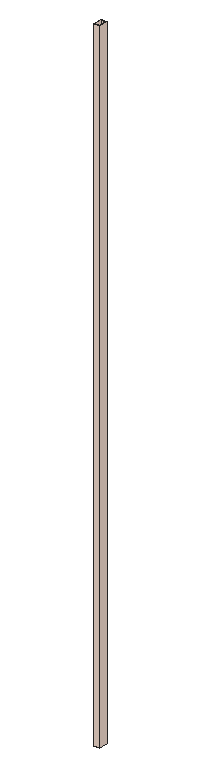
Revit family "SQ-BAR4025", category 機械設備, Revit 2020
Family settings
  丸型コネクタ寸法 = 直径を使用
  種別 = なし
  パーツ タイプ = 標準
  作業面ベース = いいえ
  常に垂直 = はい
  ロード時にボイドで切り取り = いいえ
  共有 = いいえ
  部屋計算ポイント = いいえ
Parameters
  製造元 = "株式会社桐井製作所"
  既定の高さ = 0 mm
  URL = "https://www.kirii.co.jp/"
  K_長さ(mm) [instance] = 3000 mm
  K_材質 = "SGCC　一般用"
  K_断面積A(mm2) = 61.3
  K_断面係数Zy(mm3) = 657.2
  K_断面係数Zx(mm3) = 488.3
  K_断面2次半径iy(mm) = 15.3
  K_断面2次半径ix(mm) = 10
  K_断面2次モーメントIy(mm4) = 14330
  K_断面2次モーメントIx(mm4) = 6104
  K_外形寸法(mm) = "□40×25"
  K_品名 = "SQ-BAR4025"
  K_名称 = "角型スタッド"
  K_単位質量(kg/m) = 0.498
  K_ヤング係数E(N/mm2) = 205000
  K_バージョン情報 = "20210524"
  K_めっき付着量 = "Z08"
  K_JIS規格 = "JIS G 3302"
Reference planes
  plane 1 "中心(正面/背面)": y = 0
  plane 2: z = 0
  plane 3 "中心(左/右)": x = 0
  plane 4: x = 12.5
  plane 5: x = -12.5
  plane 6: y = 20
  plane 7: z = 3000
  plane 8: y = -20
Forms (mm)
  Extrusion 1, solid
    sketch origin (0.5, -20, 0) x (1, 0, 0) y (0, 1, 0)
      loop
        line (-13, 40) -> (-13, 0) -> (12, 0) -> (12, 40) -> (-13, 40)
      loop
        line (-12.5, 39.5) -> (-12.5, 0.5) -> (11.5, 0.5) -> (11.5, 39.5) -> (-12.5, 39.5)
    from 0 to 3000
Dimensions and locks
  locked: Extrusion 1 sketch curve to Extrusion 1 sketch curve at 0.5  (x4)
  "K_長さ(mm)": plane 7 to level
  aligned and locked: level to plane 2
  aligned and locked: Extrusion 1 sketch curve to plane 6
  aligned and locked: plane 7 to Extrusion 1
  aligned and locked: plane 6 to Extrusion 1
  aligned and locked: Extrusion 1 to plane 8
  aligned and locked: Extrusion 1 to plane 5
  aligned and locked: plane 4 to Extrusion 1
Automatic sketch dimensions
  Extrusion 1 sketch curve to plane 4 = 0.5 mm
  plane 5 to Extrusion 1 sketch curve = 0.5 mm
  plane 1 "中心(正面/背面)" to Extrusion 1 sketch curve = 19.5 mm
